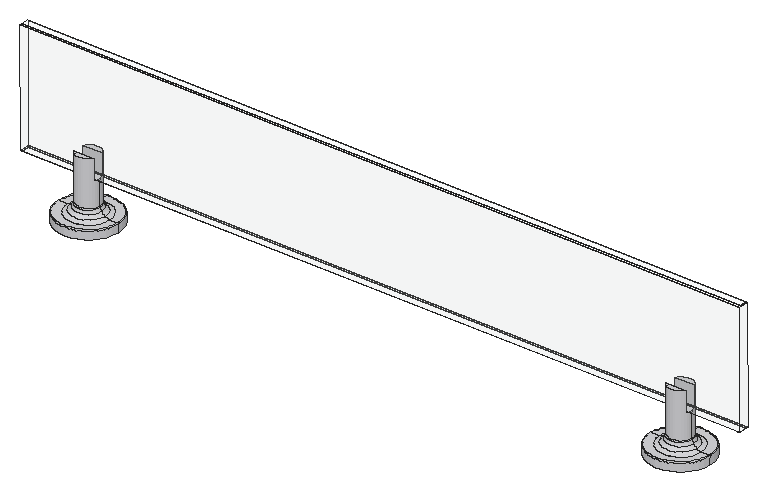
Revit family "Accessory-Shelf-KOHLER-Purist-K-14440", category Specialty Equipment, host Face, Revit 2015
Parameters (values of type "CP - Polished Chrome")
  Width = 1 7/8"  # constant formula
  WaterSense Certified = 1 = 0  # no
  URL = "https://www.us.kohler.com/us/"
  Type = 1
  Product Page URL = "http://www.us.kohler.com/us/catalog/productDetails.jsp?productNumber=14440"
  Product Name = "Purist"  # constant formula
  Product Documentation Link = "https://www.us.kohler.com/webassets/kpna/catalog/pdf/en/K-14440_spec.pdf"
  Model = if(Type = 1, "K-14440-CP", if(Type = 2, "K-14440-SN", if(Type = 3, "K-14440-BN", if(Type = 4, "K-14440-BGD", if(Type = 5, "K-14440-BV", "NA")))))  # "K-14440-CP"
  Material = "Solid-brass construction"  # constant formula
  MasterFormat 2004 = "10.28.13"  # constant formula
  MasterFormat 1995 = "10820"  # constant formula
  Manufacturer Address = "444 Highland Dr, Kohler, WI 53044"  # constant formula
  Manufacturer = "KOHLER Co."  # constant formula
  Length = 22 1/2"  # constant formula
  Height = 4 7/8"  # constant formula
  Finish = Kohler-Metal-CP-Polished_Chrome
  Environmental Product Declaration = ""
  Description = "Glass shelf"  # constant formula
  Default Elevation = 42"
  Declare Label = ""
  Date Modified = "05/27/2019"  # constant formula
  Date Created = "05/27/2019"  # constant formula
  Copyright = "Copyright KOHLER Co."  # constant formula
  Contact Us = "https://www.us.kohler.com/us/static/contact.jsp"
  Assembly Code = "C1030200"
  ADA Compliant = 1 = 0  # no
Types (6): name | Type | Model | Finish
  (no name) | 1 | "K-14440-CP" | Kohler-Metal-CP-Polished_Chrome
  CP - Polished Chrome | 1 | "K-14440-CP" | Kohler-Metal-CP-Polished_Chrome
  SN - Vibrant Polished Nickel | 2 | "K-14440-SN" | Kohler-Metal-SN-Vibrant_Polished_Nickel
  BGD - Vibrant Moderne Brushed Gold | 4 | "K-14440-BGD" | Kohler-Metal-BGD-Vibrant_Moderne_Brushed_Gold
  BN - Vibrant Brushed Nickel | 3 | "K-14440-BN" | Kohler-Metal-BN-Vibrant_Brushed_Nickel
  BV - Vibrant Brushed Bronze | 5 | "K-14440-BV" | Kohler-Metal-BV-Brushed_Bronze
Reference planes (in)
  plane 1 "Center (Front/Back)": y = 0
  plane 2: z = 0
  plane 3 "Center (Left/Right)": x = 0
  plane 4: y = 0.9375
  plane 5: y = -0.9375
  plane 6: x = -10.1875
  plane 7: x = -9.25
  plane 8: x = -8.3125
  plane 9: x = 10.1875
  plane 10: x = 8.3125
  plane 11: x = 9.25
  plane 12: y = -0.15748
  plane 13: y = 0.15748
  plane 14: z = 4.875
  plane 15: x = -11.25
  plane 16: x = 11.25
Dimensions and locks (in)
  plane 6 to plane 8 = 1 7/8"
  plane 10 to plane 9 = 1 7/8"
  "Height": plane 14 to plane 2
  locked: plane 7 to plane 11 at 18.5
  "Length": plane 16 to plane 15
  "Width": plane 4 to plane 5
  aligned and locked: plane 2 to host face
  aligned and locked: level to host face
Automatic sketch dimensions
  host sketch curve to host sketch curve = 96"  (x2)
Nested families (in)
  nested 1: "K-14440" at (0, 0, 0), type "K-14440"
Definition of nested family "K-14440"
  Parameters (values of type "K-14440")
    Material = none
  Reference planes (in)
    plane 1 "Center (Front/Back)": y = 0
    plane 2: z = 0
    plane 3 "Center (Left/Right)": x = 0
    plane 4: x = 11.25
    plane 5: x = -11.25
    plane 6: z = 4.875
    plane 7: x = -9.25
    plane 8: x = 9.25
    plane 9: x = -8.3125
    plane 10: x = -10.1875
    plane 11: x = 10.1875
    plane 12: x = 8.3125
    plane 13: z = 1.29921
    plane 14: y = -0.9375
    plane 15: y = 0.9375
    plane 16: y = 0.15748
    plane 17: y = -0.15748
  Forms (in)
    Extrusion 1, solid, detail levels medium+fine
      sketch origin (0, 0, 0) x (1, 0, 0) y (0, 0, 1)
        loop
          line (-11.22736, 4.875) -> (-11.25, 4.85236) -> (-11.25, 1.32874) -> (-11.22047, 1.29921) -> (11.22047, 1.29921) -> (11.25, 1.32874) -> (11.25, 4.85236) -> (11.22736, 4.875) -> (-11.22736, 4.875)
      from -0.15748 to 0.15748
    Revolve 2, solid, material <- "Material", detail levels medium+fine
      sketch origin (0, 0, 0) x (1, 0, 0) y (0, 0, 1)
        loop
          line (-9.25, 0) -> (-9.25, 1.92913) -> (-9.6064, 1.92913) -> (-9.6064, 0.55118)
          arc (-9.6064, 0.55118) -> (-9.61584, 0.53456) -> (-9.62089, 0.51613) r 0.07695
          arc (-9.62089, 0.51613) -> (-9.634, 0.46178) -> (-9.657, 0.41081) r 0.29888
          arc (-9.657, 0.41081) -> (-9.70382, 0.35106) -> (-9.76594, 0.30744) r 0.25918
          arc (-9.76594, 0.30744) -> (-9.83406, 0.27783) -> (-9.90503, 0.2559) r 0.67278
          line (-9.90503, 0.2559) -> (-10.16691, 0.2559)
          arc (-10.16691, 0.2559) -> (-10.18147, 0.24987) -> (-10.1875, 0.23532) r 0.02059
          line (-10.1875, 0.23532) -> (-10.1875, 0) -> (-9.25, 0)
        axis (-9.25, 0) -> (-9.25, 1.92913)
      angle from 0 to 360
    Extrusion 3, void
      sketch origin (0, 0, 0) x (1, 0, 0) y (0, 0, 1)
        loop
          line (-9.56324, 2.00338) -> (-9.65982, 2.00338) -> (-9.65982, 1.29921) -> (-9.56324, 1.29921) -> (-9.56324, 2.00338)
        loop
          line (-8.93676, 2.00338) -> (-8.93676, 1.29921) -> (-8.84018, 1.29921) -> (-8.84018, 2.00338) -> (-8.93676, 2.00338)
      from -0.44704 to 0.43307
    Extrusion 4, void
      sketch origin (0, 0, 0) x (0, 1, 0) y (0, 0, 1)
        loop
          line (0.17001, 1.29921) -> (0.17001, 2.02638) -> (-0.17001, 2.02638) -> (-0.17001, 1.29921) -> (0.17001, 1.29921)
      from -11.97132 to 12
    Extrusion 5, void
      sketch origin (0, 0, 0) x (0, 1, 0) y (0, 0, 1)
        loop
          line (0.125, 4.875) -> (0.16189, 4.83811) -> (0.16189, 4.8919) -> (-0.16506, 4.8919) -> (-0.16506, 4.83494) -> (-0.125, 4.875) -> (0.125, 4.875)
      from -11.52539 to 12
    Extrusion 6, void
      sketch origin (0, 0, 6.17126) x (0, 1, 0) y (0, 0, 1)
        loop
          line (0.125, -4.875) -> (-0.125, -4.875) -> (-0.16506, -4.83494) -> (-0.16506, -4.8919) -> (0.16189, -4.8919) -> (0.16189, -4.83811) -> (0.125, -4.875)
      from -11.52539 to 12
    Revolve 7, solid, material <- "Material", detail levels medium+fine
      sketch origin (0, 0, 0) x (-1, 0, 0) y (0, 0, 1)
        loop
          line (-9.25, 0) -> (-9.25, 1.92913) -> (-9.6064, 1.92913) -> (-9.6064, 0.55118)
          arc (-9.6064, 0.55118) -> (-9.61584, 0.53456) -> (-9.62089, 0.51613) r 0.07695
          arc (-9.62089, 0.51613) -> (-9.634, 0.46178) -> (-9.657, 0.41081) r 0.29888
          arc (-9.657, 0.41081) -> (-9.70382, 0.35106) -> (-9.76594, 0.30744) r 0.25918
          arc (-9.76594, 0.30744) -> (-9.83406, 0.27783) -> (-9.90503, 0.2559) r 0.67278
          line (-9.90503, 0.2559) -> (-10.16691, 0.2559)
          arc (-10.16691, 0.2559) -> (-10.18147, 0.24987) -> (-10.1875, 0.23532) r 0.02059
          line (-10.1875, 0.23532) -> (-10.1875, 0) -> (-9.25, 0)
        axis (-9.25, 0) -> (-9.25, 1.92913)
      angle from 0 to 360
    Extrusion 8, solid, detail levels coarse
      sketch origin (0, 0, 0) x (1, 0, 0) y (0, 0, 1)
        loop
          line (-11.25, 4.875) -> (-11.25, 1.29921) -> (11.25, 1.29921) -> (11.25, 4.875) -> (-11.25, 4.875)
      from -0.15748 to 0.15748
    Revolve 9, solid, material <- "Material", detail levels coarse
      sketch origin (0, 0, 0) x (1, 0, 0) y (0, 0, 1)
        loop
          line (-9.25014, 0) -> (-9.25014, 1.92913) -> (-9.65291, 1.92913) -> (-9.65291, 1.29921) -> (-9.65291, 0.55865) -> (-10.1875, 0.25) -> (-10.1875, 0) -> (-9.25014, 0)
        axis (-9.25014, 0) -> (-9.25014, 1.92913)
      angle from 0 to 360
    Revolve 10, solid, material <- "Material", detail levels coarse
      sketch origin (0, 0, 0) x (-1, 0, 0) y (0, 0, 1)
        loop
          line (-9.25014, 0) -> (-9.25014, 1.92913) -> (-9.65291, 1.92913) -> (-9.65291, 1.29921) -> (-9.65291, 0.55865) -> (-10.1875, 0.25) -> (-10.1875, 0) -> (-9.25014, 0)
        axis (-9.25014, 0) -> (-9.25014, 1.92913)
      angle from 0 to 360
  Cuts and joins
    Extrusion 3, Extrusion 4 cuts Revolve 2
    Extrusion 4 cuts Revolve 7
    joined: Revolve 2, Revolve 7
    Extrusion 5, Extrusion 6 cuts Extrusion 1
    Extrusion 4 cuts Revolve 9
    Extrusion 4 cuts Revolve 10
    joined: Revolve 9, Revolve 10
  Lines and regions (in)
    Masking region 1
      outline origin (0, 0, 0) x (1, 0, 0) y (0, 0, 1)
        loop
          line (-11.25, 4.875) -> (-11.25, 1.29921) -> (-9.6064, 1.29921) -> (-9.6064, 0.55118)
          arc (-9.6064, 0.55118) -> (-9.61584, 0.53456) -> (-9.62089, 0.51613) r 0.07695
          arc (-9.62089, 0.51613) -> (-9.634, 0.46178) -> (-9.657, 0.41081) r 0.29888
          arc (-9.657, 0.41081) -> (-9.70382, 0.35106) -> (-9.76594, 0.30744) r 0.25918
          arc (-9.76594, 0.30744) -> (-9.83406, 0.27783) -> (-9.90503, 0.2559) r 0.67278
          line (-9.90503, 0.2559) -> (-10.16691, 0.2559)
          arc (-10.16691, 0.2559) -> (-10.18147, 0.24987) -> (-10.1875, 0.23532) r 0.02059
          line (-10.1875, 0.23532) -> (-10.1875, 0) -> (-8.3125, 0) -> (-8.3125, 0.23532)
          arc (-8.3125, 0.23532) -> (-8.31853, 0.24987) -> (-8.33309, 0.2559) r 0.02059
          line (-8.33309, 0.2559) -> (-8.59497, 0.2559)
          arc (-8.59497, 0.2559) -> (-8.66594, 0.27783) -> (-8.73406, 0.30744) r 0.67278
          arc (-8.73406, 0.30744) -> (-8.79618, 0.35106) -> (-8.843, 0.41081) r 0.25918
          arc (-8.843, 0.41081) -> (-8.866, 0.46178) -> (-8.87911, 0.51613) r 0.29888
          arc (-8.87911, 0.51613) -> (-8.88416, 0.53456) -> (-8.8936, 0.55118) r 0.07695
          line (-8.8936, 0.55118) -> (-8.8936, 1.29921) -> (8.8936, 1.29921) -> (8.8936, 0.55118)
          arc (8.8936, 0.55118) -> (8.88416, 0.53456) -> (8.87911, 0.51613) r 0.07695
          arc (8.87911, 0.51613) -> (8.866, 0.46178) -> (8.843, 0.41081) r 0.29888
          arc (8.843, 0.41081) -> (8.79618, 0.35106) -> (8.73406, 0.30744) r 0.25918
          arc (8.73406, 0.30744) -> (8.66594, 0.27783) -> (8.59497, 0.2559) r 0.67278
          line (8.59497, 0.2559) -> (8.33309, 0.2559)
          arc (8.33309, 0.2559) -> (8.31853, 0.24987) -> (8.3125, 0.23532) r 0.02059
          line (8.3125, 0.23532) -> (8.3125, 0) -> (10.1875, 0) -> (10.1875, 0.23532)
          arc (10.1875, 0.23532) -> (10.18147, 0.24987) -> (10.16691, 0.2559) r 0.02059
          line (10.16691, 0.2559) -> (9.90503, 0.2559)
          arc (9.90503, 0.2559) -> (9.83406, 0.27783) -> (9.76594, 0.30744) r 0.67278
          arc (9.76594, 0.30744) -> (9.70382, 0.35106) -> (9.657, 0.41081) r 0.25918
          arc (9.657, 0.41081) -> (9.634, 0.46178) -> (9.62089, 0.51613) r 0.29888
          arc (9.62089, 0.51613) -> (9.61584, 0.53456) -> (9.6064, 0.55118) r 0.07695
          line (9.6064, 0.55118) -> (9.6064, 1.29921) -> (11.25, 1.29921) -> (11.25, 4.875) -> (-11.25, 4.875)
    Masking region 2
      outline origin (0, 0, 0) x (0, 1, 0) y (0, 0, 1)
        loop
          line (-0.15748, 4.875) -> (-0.15748, 1.92913) -> (-0.3564, 1.92913) -> (-0.3564, 0.55118)
          arc (-0.3564, 0.55118) -> (-0.36584, 0.53456) -> (-0.37089, 0.51613) r 0.07695
          arc (-0.37089, 0.51613) -> (-0.384, 0.46178) -> (-0.407, 0.41081) r 0.29888
          arc (-0.407, 0.41081) -> (-0.45382, 0.35106) -> (-0.51594, 0.30744) r 0.25918
          arc (-0.51594, 0.30744) -> (-0.58406, 0.27783) -> (-0.65503, 0.2559) r 0.67278
          line (-0.65503, 0.2559) -> (-0.91691, 0.2559)
          arc (-0.91691, 0.2559) -> (-0.93147, 0.24987) -> (-0.9375, 0.23532) r 0.02059
          line (-0.9375, 0.23532) -> (-0.9375, 0) -> (0.9375, 0) -> (0.9375, 0.23532)
          arc (0.9375, 0.23532) -> (0.93147, 0.24987) -> (0.91691, 0.2559) r 0.02059
          line (0.91691, 0.2559) -> (0.65503, 0.2559)
          arc (0.65503, 0.2559) -> (0.58406, 0.27783) -> (0.51594, 0.30744) r 0.67278
          arc (0.51594, 0.30744) -> (0.45382, 0.35106) -> (0.407, 0.41081) r 0.25918
          arc (0.407, 0.41081) -> (0.384, 0.46178) -> (0.37089, 0.51613) r 0.29888
          arc (0.37089, 0.51613) -> (0.36584, 0.53456) -> (0.3564, 0.55118) r 0.07695
          line (0.3564, 0.55118) -> (0.3564, 1.92913) -> (0.15748, 1.92913) -> (0.15748, 4.875) -> (-0.15748, 4.875)
    Masking region 3
      outline origin (0, 0, 0) x (1, 0, 0) y (0, 1, 0)
        loop
          line (-11.25, 0.15748) -> (-11.25, -0.15748) -> (-10.17418, -0.15748)
          arc (-10.17418, -0.15748) -> (-9.85468, -0.71643) -> (-9.25, -0.9375) r 0.9375
          arc (-9.25, -0.9375) -> (-8.64532, -0.71643) -> (-8.32582, -0.15748) r 0.9375
          line (-8.32582, -0.15748) -> (8.32582, -0.15748)
          arc (8.32582, -0.15748) -> (8.64532, -0.71643) -> (9.25, -0.9375) r 0.9375
          arc (9.25, -0.9375) -> (9.85468, -0.71643) -> (10.17418, -0.15748) r 0.9375
          line (10.17418, -0.15748) -> (11.25, -0.15748) -> (11.25, 0.15748) -> (10.17418, 0.15748)
          arc (10.17418, 0.15748) -> (9.85468, 0.71643) -> (9.25, 0.9375) r 0.9375
          arc (9.25, 0.9375) -> (8.64532, 0.71643) -> (8.32582, 0.15748) r 0.9375
          line (8.32582, 0.15748) -> (-8.32582, 0.15748)
          arc (-8.32582, 0.15748) -> (-8.64532, 0.71643) -> (-9.25, 0.9375) r 0.9375
          arc (-9.25, 0.9375) -> (-9.85468, 0.71643) -> (-10.17418, 0.15748) r 0.9375
          line (-10.17418, 0.15748) -> (-11.25, 0.15748)
    symbolic lines, detail levels medium+fine
      curve 1: line (-9.6064, 0, 1.29921) -> (-9.56324, 0, 1.29921)
      curve 2: line (-9.56324, 0, 1.29921) -> (-9.56324, 0, 1.92913)
      curve 3: line (-9.56324, 0, 1.92913) -> (-8.93676, 0, 1.92913)
      curve 4: line (-8.93676, 0, 1.92913) -> (-8.93676, 0, 1.29921)
      curve 5: line (-8.93676, 0, 1.29921) -> (-8.8936, 0, 1.29921)
      curve 6: line (-9.6064, 0, 0.55118) -> (-8.8936, 0, 0.55118)
      curve 7: line (-9.90503, 0, 0.2559) -> (-8.59497, 0, 0.2559)
      curve 8: line (9.6064, 0, 1.29921) -> (9.56324, 0, 1.29921)
      curve 9: line (9.56324, 0, 1.29921) -> (9.56324, 0, 1.92913)
      curve 10: line (9.56324, 0, 1.92913) -> (8.93676, 0, 1.92913)
      curve 11: line (8.93676, 0, 1.92913) -> (8.93676, 0, 1.29921)
      curve 12: line (8.93676, 0, 1.29921) -> (8.8936, 0, 1.29921)
      curve 13: line (9.6064, 0, 0.55118) -> (8.8936, 0, 0.55118)
      curve 14: line (9.90503, 0, 0.2559) -> (8.59497, 0, 0.2559)
      curve 15: line (0, -0.15748, 1.92913) -> (0, -0.15748, 1.29921)
      curve 16: line (0, -0.15748, 1.29921) -> (0, 0.15748, 1.29921)
      curve 17: line (0, 0.15748, 1.29921) -> (0, 0.15748, 1.92913)
      curve 18: line (0, -0.17001, 1.92913) -> (0, -0.17001, 1.29921)
      curve 19: line (0, -0.17001, 1.29921) -> (0, 0.17001, 1.29921)
      curve 20: line (0, 0.17001, 1.29921) -> (0, 0.17001, 1.92913)
      curve 21: line (0, -0.3564, 0.55118) -> (0, 0.3564, 0.55118)
      curve 22: line (0, -0.65503, 0.2559) -> (0, 0.65503, 0.2559)
      curve 23: arc (-9.88582, -0.15748, 0) -> (-9.25, -0.65503, 0) -> (-8.61418, -0.15748, 0) r 0.65503
      curve 24: arc (-8.93676, 0.17001, 0) -> (-9.25, 0.3564, 0) -> (-9.56324, 0.17001, 0) r 0.3564
      curve 25: arc (-9.56324, -0.17001, 0) -> (-9.25, -0.3564, 0) -> (-8.93676, -0.17001, 0) r 0.3564
      curve 26: line (-9.56324, 0.17001, 0) -> (-8.93676, 0.17001, 0)
      curve 27: line (-9.56324, -0.17001, 0) -> (-8.93676, -0.17001, 0)
      curve 28: arc (-8.61418, 0.15748, 0) -> (-9.25, 0.65503, 0) -> (-9.88582, 0.15748, 0) r 0.65503
      curve 29: arc (9.88582, -0.15748, 0) -> (9.25, -0.65503, 0) -> (8.61418, -0.15748, 0) r 0.65503
      curve 30: arc (8.93676, 0.17001, 0) -> (9.25, 0.3564, 0) -> (9.56324, 0.17001, 0) r 0.3564
      curve 31: arc (9.56324, -0.17001, 0) -> (9.25, -0.3564, 0) -> (8.93676, -0.17001, 0) r 0.3564
      curve 32: line (9.56324, 0.17001, 0) -> (8.93676, 0.17001, 0)
      curve 33: line (9.56324, -0.17001, 0) -> (8.93676, -0.17001, 0)
      curve 34: arc (8.61418, 0.15748, 0) -> (9.25, 0.65503, 0) -> (9.88582, 0.15748, 0) r 0.65503
      curve 35: line (8.32582, 0.15748, 0) -> (10.17418, 0.15748, 0)
      curve 36: line (8.32582, -0.15748, 0) -> (10.17418, -0.15748, 0)
      curve 37: line (-10.17418, 0.15748, 0) -> (-8.32582, 0.15748, 0)
      curve 38: line (-10.17418, -0.15748, 0) -> (-8.32582, -0.15748, 0)
  Dimensions and locks (in)
    aligned and locked: plane 2 to level
